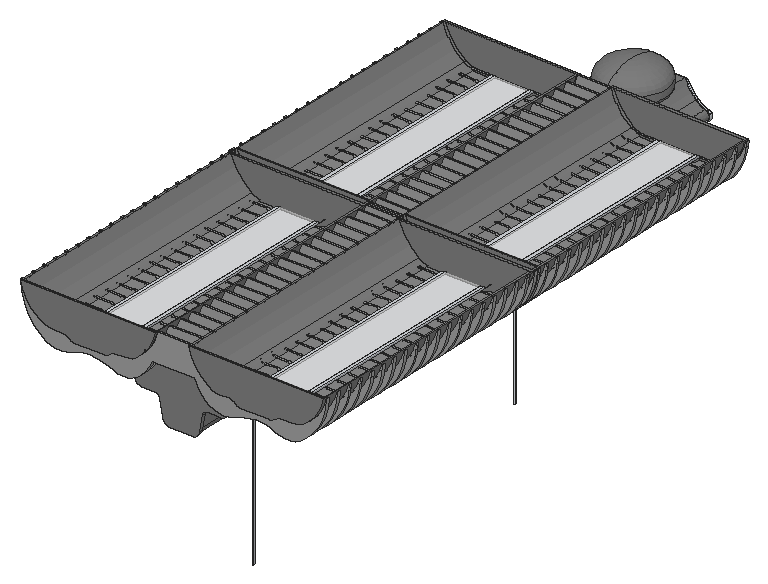
Revit family "0039276 Feilo Sylvania Lighting Fixtures SYLBAY LED 4000K 37KLM WIDE 1-10V PIR", category Lighting Fixtures, host Face, Revit 2017
Family settings
  Host = Face
  Round Connector Dimension = Use Diameter
  Part Type = Normal
  OmniClass Number = 23.80.70.00
  OmniClass Title = Lighting
  Cut with Voids When Loaded = No
  Light Source = Yes
  Shared = No
  Room Calculation Point = No
Parameters (values of type "0039276 SYLBAY LED 4000K 37KLM WIDE 1-10V PIR")
  WireRadius_FEILO = 1 mm
  Weight = "9.25 kg"
  Wattage Comments = "n/a"
  Wattage = 290 W
  WarrantyStartDate [instance] = "n/a"
  WarrantyGuarantorParts = "n/a"
  WarrantyDurationUnit = "n/a"
  WarrantyDurationParts = "n/a"
  WarrantyDescription = "n/a"
  built-in parameter 1150110 = 1 (stored number, unit not read)
  Voltage = 230 V
  URL = "http://www.sylvania-lighting.com"
  TypeName = "SYLBAY LED 4000K 37KLM WIDE 1-10V PIR"
  Type Image = <None>
  Type Comments = "n/a"
  built-in parameter 1114217 = 1 (stored number, unit not read)
  Tilt Angle = -90.00°
  built-in parameter 1150109 = 1 (stored number, unit not read)
  built-in parameter 1150134 = 12
  SuspensionHeight_FEILO [instance] = if(SurfaceMounted_FEILO, 107 mm, SuspensionHeightEntry_FEILO)  # 300 mm
  SuspensionHeightEntry_FEILO [instance] = 300 mm
  SurfaceMounted_FEILO [instance] = no
  built-in parameter 1150113 = 1 (stored number, unit not read)
  SerialNumber [instance] = "n/a"
  ReflectorMaterial = none
  PowerFactor = 0
  PowerConsumption = "290 W"
  Photometric Web File = "0039276.ies"
  NominalLength = 750 mm
  NominalHeight = 105 mm
  NominalDepth = 375 mm
  Name = "SYLBAY LED 4000K 37KLM WIDE 1-10V PIR"
  ModelReference = "SYLBAY LED 4000K 37KLM WIDE 1-10V PIR"
  ModelNumber = "0039276"
  Model = "SYLBAY LED 4000K 37KLM WIDE 1-10V PIR"
  Material = "aluminium housing"
  ManufacturerName = "Feilo Sylvania"
  Manufacturer = "Feilo Sylvania"
  LuminousEfficacy = "130.45 lm/W"
  built-in parameter 1150105 = 22250.3 (stored number, unit not read)
  Lumens = 37830.5 lm
  LuminaireType = ""
  built-in parameter 1150115 = 1 (stored number, unit not read)
  LightOutputRatio = "100"
  built-in parameter 1150137 = (empty or 0)
  built-in parameter 1150139 = (empty or 0)
  LampsType = Lamp  # "LED"
  LampNominalLuminous = "37700 lm"
  LampMacAdamStep = "n/a"
  LampColourTemperature = "4000 K"
  LampColourRenderingIndex = "80"
  built-in parameter 1150112 = 1 (stored number, unit not read)
  built-in parameter 1150114 = 1 (stored number, unit not read)
  Lamp = "LED"
  Keynote = "16500"
  InstallationDate [instance] = "n/a"
  InputVoltage = "220-240V~"
  InputNominalFrequency = "50/60 Hz"
  built-in parameter 1150132 = (empty or 0)
  built-in parameter 1150102 = (empty or 0)
  built-in parameter 1150107 = 4000 (stored number, unit not read)
  built-in parameter 1150138 = (empty or 0)
  IngressProtection = "IP65"
  ImpactProtectionIndex = "IK08"
  built-in parameter 1150106 = 222.5 (stored number, unit not read)
  IfcExportType = "IfcLightFixtureType"
  IfcExportAs = "IfcLightFixtureType"
  ExpectedLife = 50000
  Emit from Rectangle Width = 365 mm
  Emit from Rectangle Length = 645 mm
  Emit Shape Visible in Rendering = no
  ElectricShockClassification = "Class I"
  built-in parameter 1150104 = 12.119 (stored number, unit not read)
  DurationUnit = "hours"
  DocumentationLiterature = "http://www.sylvania-lighting.com/product/en-int/products/0039276"
  DimmingControlOptions = "Dimmable"
  Dimming Lamp Color Temperature Shift = <None>
  DiffuserMaterial = Diffuser-Sylvania-Sylbay-Transparent
  Description = "Specification industrial high bay luminaire, robust and durable, slim design, high output and efficiency, lightweight, aluminium housing with shatter-resistant polycarbonate lens optic, 37,700 lumens, 290W, 130lm/W, 4000K, 2100mA (x2), CRI 80, wide beam optic, 1-10V dimmable, integral PIR sensor with daylight/occupancy detection, IP65, IK08, 100,000 hrs (L90B10), (LxWxH) 665x375x105mm, 3 step MacAdam ellipse, 8.9kg, aluminium finish, Class 1, 220-240V, integrated LED, energy class: A++, A+, A."
  Default Elevation = 1219.2 mm
  CreatedOn = "17/11/2017"
  CreatedBy = ""
  Cost = 0
  Color Filter = 16777215
  built-in parameter 1114216 [instance] = (empty or 0)
  BodyMaterial = Body-Sylvania-Sylbay-Aluminium
  BarCode [instance] = "n/a"
  built-in parameter 1114218 = 1 (stored number, unit not read)
  built-in parameter 1150133 = 10 (stored number, unit not read)
  AssetType = "Fixed"
  AssetIdentifier [instance] = "n/a"
  Assembly Code = "D5020200"
  Apparent Load = 290 VA
  AccessoryMaterial = Accesory-Sylvania-Sylbay-White
Reference planes
  plane 1 "Center (Front/Back)": y = 0
  plane 2: z = 0
  plane 3 "Center (Left/Right)": x = 0
  plane 4: z = 300
  plane 5: y = -307
  plane 6: y = 200
  plane 7: y = -200
  plane 8: z = 237.522
  plane 9: z = 246.272
  plane 10: z = 227.522
  plane 11: z = 266.272
  plane 12: z = 256.272
  plane 13: z = 262.272
  plane 14: y = 427
  plane 15: y = -1
  plane 16: y = 1
  plane 17: y = -310
  plane 18: y = 430
  plane 19: z = 195
  plane 20: z = 193
  plane 21: y = 330
  plane 22: y = 380
  plane 23: y = 340
  plane 24: y = 420
  plane 25: z = 278.272
  plane 26: y = 341
  plane 27: y = 419
Forms (mm)
  Extrusion 1, solid, material "Accesory-Sylvania-Sylbay-White" <- "AccessoryMaterial"
    sketch origin (0, 0, 0) x (1, 0, 0) y (0, 0, 1)
      loop
        arc (-39.258, 246.272) -> (-44.534, 242.283) -> (-50.507, 239.445) r 32.519
        arc (-50.507, 239.445) -> (-54.463, 232.388) -> (-48, 227.522) r 6.147
        line (-48, 227.522) -> (-32.102, 227.522)
        arc (-32.102, 227.522) -> (-26.92, 225.616) -> (-24.206, 220.808) r 8
        line (-24.206, 220.808) -> (-21.094, 201.713)
        arc (-21.094, 201.713) -> (-18.38, 196.905) -> (-13.198, 195) r 8
        line (-13.198, 195) -> (13.198, 195)
        arc (13.198, 195) -> (18.393, 196.916) -> (21.099, 201.746) r 8
        line (21.099, 201.746) -> (24.206, 220.808)
        arc (24.206, 220.808) -> (26.92, 225.616) -> (32.102, 227.522) r 8
        line (32.102, 227.522) -> (48, 227.522)
        arc (48, 227.522) -> (54.463, 232.388) -> (50.507, 239.445) r 6.147
        arc (50.507, 239.445) -> (44.534, 242.283) -> (39.258, 246.272) r 32.519
        arc (39.258, 246.272) -> (31.199, 255.531) -> (25.254, 266.272) r 58.361
        line (25.254, 266.272) -> (-25.254, 266.272)
        arc (-25.254, 266.272) -> (-31.199, 255.531) -> (-39.258, 246.272) r 58.361
    from -427 to 307
  Extrusion 2, solid, material "Body-Sylvania-Sylbay-Aluminium" <- "BodyMaterial", detail levels medium+fine
    sketch origin (0, 0, 0) x (1, 0, 0) y (0, 0, 1)
      loop
        arc (-32.102, 225.522) -> (-28.215, 224.093) -> (-26.18, 220.487) r 6
        line (-26.18, 220.487) -> (-23.068, 201.392)
        arc (-23.068, 201.392) -> (-19.676, 195.381) -> (-13.198, 193) r 10
        line (-13.198, 193) -> (13.198, 193)
        arc (13.198, 193) -> (19.69, 195.393) -> (23.074, 201.428) r 10
        line (23.074, 201.428) -> (26.18, 220.487)
        arc (26.18, 220.487) -> (28.215, 224.093) -> (32.102, 225.522) r 6
        line (32.102, 225.522) -> (47.932, 225.522)
        arc (47.932, 225.522) -> (54.718, 228.451) -> (56.343, 235.661) r 8.147
        arc (56.343, 235.661) -> (55.292, 237.506) -> (53.445, 238.553) r 4
        arc (53.445, 238.553) -> (45.865, 241.518) -> (39.258, 246.272) r 32.519
        arc (39.258, 246.272) -> (32.89, 253.237) -> (27.728, 261.137) r 58.361
        arc (27.728, 261.137) -> (25.523, 263.429) -> (22.456, 264.272) r 6
        line (22.456, 264.272) -> (-22.456, 264.272)
        arc (-22.456, 264.272) -> (-25.523, 263.429) -> (-27.728, 261.137) r 6
        arc (-27.728, 261.137) -> (-32.89, 253.237) -> (-39.258, 246.272) r 58.361
        arc (-39.258, 246.272) -> (-45.865, 241.518) -> (-53.445, 238.553) r 32.519
        arc (-53.445, 238.553) -> (-55.292, 237.506) -> (-56.343, 235.661) r 4
        arc (-56.343, 235.661) -> (-54.718, 228.451) -> (-47.932, 225.522) r 8.147
        line (-47.932, 225.522) -> (-32.102, 225.522)
    from 307 to 310
  Extrusion 3, solid, detail levels medium+fine
    sketch origin (0, 0, 0) x (1, 0, 0) y (0, 0, 1)
      loop
        line (-47.932, 225.522) -> (-32.102, 225.522)
        arc (-32.102, 225.522) -> (-28.215, 224.093) -> (-26.18, 220.487) r 6
        line (-26.18, 220.487) -> (-23.068, 201.392)
        arc (-23.068, 201.392) -> (-19.676, 195.381) -> (-13.198, 193) r 10
        line (-13.198, 193) -> (13.198, 193)
        arc (13.198, 193) -> (19.69, 195.393) -> (23.074, 201.428) r 10
        line (23.074, 201.428) -> (26.18, 220.487)
        arc (26.18, 220.487) -> (28.215, 224.093) -> (32.102, 225.522) r 6
        line (32.102, 225.522) -> (47.932, 225.522)
        arc (47.932, 225.522) -> (54.718, 228.451) -> (56.343, 235.661) r 8.147
        arc (56.343, 235.661) -> (55.292, 237.506) -> (53.445, 238.553) r 4
        arc (53.445, 238.553) -> (45.865, 241.518) -> (39.258, 246.272) r 32.519
        arc (39.258, 246.272) -> (32.89, 253.237) -> (27.728, 261.137) r 58.361
        arc (27.728, 261.137) -> (25.523, 263.429) -> (22.456, 264.272) r 6
        line (22.456, 264.272) -> (-22.456, 264.272)
        arc (-22.456, 264.272) -> (-25.523, 263.429) -> (-27.728, 261.137) r 6
        arc (-27.728, 261.137) -> (-32.89, 253.237) -> (-39.258, 246.272) r 58.361
        arc (-39.258, 246.272) -> (-45.865, 241.518) -> (-53.445, 238.553) r 32.519
        arc (-53.445, 238.553) -> (-55.292, 237.506) -> (-56.343, 235.661) r 4
        arc (-56.343, 235.661) -> (-54.718, 228.451) -> (-47.932, 225.522) r 8.147
    from -430 to -427
  Extrusion 4, solid
    sketch origin (-316.531, -4572, 195) x (-1, 0, 0) y (0, -1, 0)
      loop
        circle (-316.531, -4772) r 1
      loop
        circle (-316.531, -4372) r 1
    from 0 to -195
  Revolve 5, solid, material "Body-Sylvania-Sylbay-Aluminium" <- "BodyMaterial"
    sketch origin (0, 0, 0) x (0, 1, 0) y (0, 0, 1)
      loop
        arc (340.771, 269.022) -> (341.729, 267.064) -> (343.76, 266.272) r 3
        line (343.76, 266.272) -> (380, 266.272) -> (380, 278.272) -> (340, 278.272) -> (340.771, 269.022)
      axis (380, 266.272) -> (380, 278.272)
    angle from 360 to 0
  Revolve 6, solid, material "Accesory-Sylvania-Sylbay-White" <- "AccessoryMaterial"
    sketch origin (0, 0, 0) x (0, 1, 0) y (0, 0, 1)
      loop
        line (340, 278.272) -> (380, 278.272) -> (380, 300)
        spline (380, 300) -> (374.779, 299.814) -> (369.647, 299.26) -> (364.693, 298.346) -> (360, 297.089) -> (355.65, 295.51) -> (351.716, 293.636) -> (348.266, 291.499) -> (345.359, 289.136) -> (343.045, 286.587) -> (341.363, 283.895) -> (340.342, 281.108) -> (340, 278.272)
      axis (380, 278.272) -> (380, 300)
    angle from 360 to 0
Dimensions and locks
  "SuspensionHeight_FEILO": plane 4 to plane 2
  equal spacing: plane 7, plane 1 "Center (Front/Back)", plane 6
  locked: plane 1 "Center (Front/Back)" to plane 6 at 200
  locked: plane 4 to plane 8 at 62.478
  locked: plane 4 to plane 9 at 53.728
  plane 4 to plane 10 = 72.478 mm
  locked: plane 4 to plane 11 at 33.728
  locked: plane 12 to plane 9 at 10
  locked: plane 13 to plane 12 at 6
  locked: plane 3 "Center (Left/Right)" to Extrusion 1 sketch curve at 48.447
  locked: Extrusion 1 sketch curve to plane 3 "Center (Left/Right)" at 48.447
  locked: plane 4 to Extrusion 1 sketch curve at 66.347  (x2)
  Extrusion 1 sketch curve to plane 3 "Center (Left/Right)" to Extrusion 1 sketch curve = 13.198 mm locked, 13.198 mm locked
  Extrusion 1 sketch curve to plane 3 "Center (Left/Right)" to Extrusion 1 sketch curve = 32.102 mm locked, 32.102 mm locked
  locked: plane 4 to Extrusion 1 sketch curve at 97  (x2)
  locked: plane 4 to Extrusion 1 sketch curve at 80.478  (x2)
  equal spacing: plane 15, plane 1 "Center (Front/Back)", plane 16
  locked: plane 10 to Extrusion 2 sketch curve at 2
  plane 10 to Extrusion 2 sketch curve = 2 mm
  locked: Extrusion 2 sketch curve to Extrusion 1 at 2  (x2)
  locked: Extrusion 2 sketch curve to plane 3 "Center (Left/Right)" at 52.466
  locked: plane 3 "Center (Left/Right)" to Extrusion 2 sketch curve at 52.466
  locked: plane 4 to Extrusion 2 sketch curve at 65.325  (x2)
  locked: plane 4 to Extrusion 2 sketch curve at 41.728  (x2)
  locked: plane 3 "Center (Left/Right)" to Extrusion 2 sketch curve at 22.456
  locked: Extrusion 2 sketch curve to plane 3 "Center (Left/Right)" at 22.456
  locked: plane 4 to plane 19 at 105
  locked: plane 19 to plane 20 at 2
  locked: plane 1 "Center (Front/Back)" to plane 18 at 430
  locked: plane 14 to plane 18 at 3
  locked: plane 17 to plane 1 "Center (Front/Back)" at 310
  locked: plane 17 to plane 5 at 3
  locked: plane 21 to plane 18 at 100
  locked: plane 21 to plane 22 at 50
  equal spacing: plane 23, plane 22, plane 24
  locked: plane 23 to plane 22 at 40
  equal spacing: plane 26, plane 22, plane 27
  locked: plane 23 to plane 26 at 1
  locked: plane 25 to plane 11 at 12
  locked: Revolve 5 sketch curve to plane 11 at 3
  locked: Revolve 5 sketch curve to plane 22 at 36.24
  locked: plane 1 "Center (Front/Back)" to plane 16 at 1
  "WireRadius_FEILO": radius of Extrusion 4 sketch curve  (x2)
  aligned and locked: plane 2 to host face
  aligned and locked: level to host face
  aligned and locked: plane 10 to Extrusion 1 sketch curve
  aligned and locked: plane 5 to Extrusion 1
  aligned and locked: Extrusion 1 to plane 14
  aligned and locked: imposter light to plane 4
  aligned and locked: plane 3 "Center (Left/Right)" to imposter light
  aligned and locked: plane 1 "Center (Front/Back)" to imposter light
  aligned and locked: plane 17 to Extrusion 2
  aligned and locked: Extrusion 2 to plane 5
  aligned and locked: Extrusion 3 sketch curve to Extrusion 2  (x15)
  aligned and locked: Extrusion 3 to Extrusion 1
  aligned and locked: Extrusion 3 to plane 18
  aligned and locked: Extrusion 1 sketch curve to plane 19
  aligned and locked: plane 7 to Extrusion 4 sketch curve
  aligned and locked: plane 3 "Center (Left/Right)" to Extrusion 4 sketch curve  (x2)
  aligned and locked: plane 6 to Extrusion 4 sketch curve
  aligned and locked: Extrusion 1 to Extrusion 4
  aligned and locked: Extrusion 4 to level
  aligned and locked: plane 20 to Extrusion 2 sketch curve
  aligned and locked: Revolve 5 sketch curve to plane 11
  aligned and locked: Revolve 5 sketch curve to plane 22  (x2)
  aligned and locked: Revolve 5 sketch curve to plane 25
  aligned and locked: Revolve 6 sketch curve to plane 22  (x2)
  aligned and locked: Revolve 6 sketch curve to Revolve 5
  aligned and locked: plane 4 to Revolve 6 sketch curve
  aligned and locked: plane 22 to Revolve 6 sketch curve
  aligned and locked: plane 3 "Center (Left/Right)" to nested 1
  aligned and locked: plane 3 "Center (Left/Right)" to nested 22
  aligned and locked: plane 15 to nested 1
  aligned and locked: plane 16 to nested 22
Automatic sketch dimensions
  host sketch curve to host sketch curve = 2438.4 mm  (x2)
  Extrusion 1 sketch curve to plane 9 = 0 mm  (x4)
  Extrusion 1 sketch curve to plane 10 = 0 mm
  plane 11 to Extrusion 1 sketch curve = 3.811 mm
  Extrusion 1 sketch curve to Extrusion 1 sketch curve = 36.151 mm  (x2)
  Extrusion 1 sketch curve to plane 4 = 10.994 mm  (x2)
  Extrusion 1 sketch curve to plane 11 = 0 mm
  plane 9 to Extrusion 1 sketch curve = 23.811 mm
  Extrusion 1 sketch curve to plane 10 = 6.713 mm  (x2)
  plane 19 to Extrusion 1 sketch curve = 6.713 mm
  Extrusion 3 sketch curve to plane 10 = 7.035 mm  (x2)
  plane 19 to Extrusion 3 sketch curve = 6.392 mm
  plane 19 to Extrusion 1 sketch curve = 6.746 mm
  plane 19 to Extrusion 3 sketch curve = 6.428 mm
  plane 3 "Center (Left/Right)" to Extrusion 1 sketch curve = 25.254 mm
  Extrusion 1 sketch curve to Extrusion 1 sketch curve = 0.447 mm  (x2)
  Extrusion 1 sketch curve to Extrusion 1 sketch curve = 12.959 mm
  Extrusion 2 sketch curve to plane 9 = 0 mm  (x4)
  plane 11 to Extrusion 2 sketch curve = 3.811 mm  (x2)
  Extrusion 2 sketch curve to Extrusion 2 sketch curve = 8.939 mm  (x2)
  Extrusion 2 sketch curve to plane 4 = 10.994 mm  (x2)
  Extrusion 2 sketch curve to Extrusion 2 sketch curve = 17.6 mm  (x2)
  Extrusion 2 sketch curve to Extrusion 2 sketch curve = 4.02 mm  (x2)
  Extrusion 2 sketch curve to Extrusion 2 sketch curve = 0.514 mm
  Extrusion 2 sketch curve to plane 10 = 8 mm
  Extrusion 2 sketch curve to plane 10 = 7.035 mm  (x2)
  plane 19 to Extrusion 2 sketch curve = 6.392 mm
  plane 19 to Extrusion 2 sketch curve = 8 mm
  plane 3 "Center (Left/Right)" to Extrusion 2 sketch curve = 13.198 mm
  plane 19 to Extrusion 2 sketch curve = 6.428 mm
  Extrusion 2 sketch curve to Extrusion 2 sketch curve = 5.922 mm
  Extrusion 2 sketch curve to Extrusion 2 sketch curve = 4.534 mm
  Extrusion 2 sketch curve to plane 8 = 3.869 mm  (x2)
  Extrusion 2 sketch curve to plane 11 = 2 mm
  Extrusion 2 sketch curve to Extrusion 2 sketch curve = 0 mm  (x2)
  Revolve 6 sketch curve to plane 23 = 0 mm
  Revolve 6 sketch curve to level = 309.6 mm
  plane 4 to Revolve 6 sketch curve = 2138.4 mm
  Revolve 5 sketch curve to plane 23 = 0 mm
  plane 26 to Revolve 5 sketch curve = 0.229 mm
  Revolve 5 sketch curve to level = 309.6 mm
  plane 4 to Revolve 5 sketch curve = 2138.4 mm
Nested families
  nested 1: "SylbayBody" at (0, 159, 266.272), type "SylbayBody"
  nested 2: "SlybayRib" at (0, 303.453, 300), type "SylbayRib"
  nested 3: "SlybayRib" at (0, 286.406, 300), type "SylbayRib"
  nested 4: "SlybayRib" at (0, 269.358, 300), type "SylbayRib"
  nested 5: "SlybayRib" at (0, 252.311, 300), type "SylbayRib"
  nested 6: "SlybayRib" at (0, 235.264, 300), type "SylbayRib"
  nested 7: "SlybayRib" at (0, 218.217, 300), type "SylbayRib"
  nested 8: "SlybayRib" at (0, 201.169, 300), type "SylbayRib"
  nested 9: "SlybayRib" at (0, 184.122, 300), type "SylbayRib"
  nested 10: "SlybayRib" at (0, 320.5, 300), type "SylbayRib"
  nested 11: "SlybayRib" at (0, 14.547, 300), type "SylbayRib"
  nested 12: "SlybayRib" at (0, 31.594, 300), type "SylbayRib"
  nested 13: "SlybayRib" at (0, 48.642, 300), type "SylbayRib"
  nested 14: "SlybayRib" at (0, 65.689, 300), type "SylbayRib"
  nested 15: "SlybayRib" at (0, 82.736, 300), type "SylbayRib"
  nested 16: "SlybayRib" at (0, 99.783, 300), type "SylbayRib"
  nested 17: "SlybayRib" at (0, 116.831, 300), type "SylbayRib"
  nested 18: "SlybayRib" at (0, 133.878, 300), type "SylbayRib"
  nested 19: "SlybayRib" at (0, -2.5, 300), type "SylbayRib"
  nested 20: "SlybayRib" at (0, 167.075, 300), type "SylbayRib"
  nested 21: "SlybayRib" at (0, 150.925, 300), type "SylbayRib"
  nested 22: "SylbayBody" at (0, -159, 266.272), type "SylbayBody"
  nested 23: "SlybayRib" at (0, -14.547, 300), type "SylbayRib"
  nested 24: "SlybayRib" at (0, -31.594, 300), type "SylbayRib"
  nested 25: "SlybayRib" at (0, -48.642, 300), type "SylbayRib"
  nested 26: "SlybayRib" at (0, -65.689, 300), type "SylbayRib"
  nested 27: "SlybayRib" at (0, -82.736, 300), type "SylbayRib"
  nested 28: "SlybayRib" at (0, -99.783, 300), type "SylbayRib"
  nested 29: "SlybayRib" at (0, -116.831, 300), type "SylbayRib"
  nested 30: "SlybayRib" at (0, -133.878, 300), type "SylbayRib"
  nested 31: "SlybayRib" at (0, 2.5, 300), type "SylbayRib"
  nested 32: "SlybayRib" at (0, -303.453, 300), type "SylbayRib"
  nested 33: "SlybayRib" at (0, -286.406, 300), type "SylbayRib"
  nested 34: "SlybayRib" at (0, -269.358, 300), type "SylbayRib"
  nested 35: "SlybayRib" at (0, -252.311, 300), type "SylbayRib"
  nested 36: "SlybayRib" at (0, -235.264, 300), type "SylbayRib"
  nested 37: "SlybayRib" at (0, -218.217, 300), type "SylbayRib"
  nested 38: "SlybayRib" at (0, -201.169, 300), type "SylbayRib"
  nested 39: "SlybayRib" at (0, -184.122, 300), type "SylbayRib"
  nested 40: "SlybayRib" at (0, -320.5, 300), type "SylbayRib"
  nested 41: "SlybayRib" at (0, -150.925, 300), type "SylbayRib"
  nested 42: "SlybayRib" at (0, -167.075, 300), type "SylbayRib"
Connectors
  electrical at (0, 0, 0), driven by "Apparent Load"
    settings: index 1, voltage 230 V, apparent load 290 VA, apparent load phase1 0 VA, apparent load phase2 0 VA, apparent load phase3 0 VA, power factor 0, load classification "Lighting", number of poles 1, system type 30, power factor state 1, is connector primary yes, connector utility no, sub classification motor no, connector description ""
Definition of nested family "SylbayBody"
  Parameters (values of type "SylbayBody")
    URL = "http://www.feilosylvania.com"
    Type Image = (empty or 0)
    Type Comments = "n/a"
    RibLast_FEILO = 161.5 mm
    RibDistance_FEILO = RibLast_FEILO / 10  # 16.15 mm
    ReflectorMaterial = none
    Model = ""
    Manufacturer = "Feilo Sylvania"
    Keynote = ""
    DiffuserMaterial = none
    Description = "n/a"
    Default Elevation = 1219.2 mm
    Cost = 0
    BodyMaterial = none
    Assembly Code = "D5020200"
    AccessoryMaterial = none
  Reference planes
    plane 1 "Center (Front/Back)": y = 0
    plane 2: z = 0
    plane 3 "Center (Left/Right)": x = 0
    plane 4: x = -187.5
    plane 5: x = 187.5
    plane 6: z = 33.728
    plane 7: y = -165
    plane 8: y = 165
    plane 9: y = -148
    plane 10: y = 160
    plane 11: y = -160
    plane 12: z = -28.75
    plane 13: z = -20
    plane 14: x = -102.75
    plane 15: x = 102.75
    plane 16: z = 0
    plane 17: x = -185.5
    plane 18: x = -20
    plane 19: z = -10
    plane 20: x = -122.75
    plane 21: x = -82.75
    plane 22: z = -4
    plane 23: x = -130.75
    plane 24: x = -74.75
    plane 25: x = -145.75
    plane 26: x = -59.75
    plane 27: x = -25.3
    plane 28: x = -183.5
    plane 29: x = -22
    plane 30: y = -163
    plane 31: y = 163
    plane 32: x = 25.3
    plane 33: x = -48
    plane 34: x = 48
    plane 35: x = 20
    plane 36: y = 148
    plane 37: y = -161.5
    plane 38: y = 161.5
    plane 39: y = -8.075
    plane 40: y = 8.075
    plane 41: y = -151
    plane 42: y = 151
    plane 43: y = 149
    plane 44: y = 152
    plane 45: z = -2
    plane 46: z = 0
  Forms (mm)
    Extrusion 1, solid
      sketch origin (4.2, 0, 0) x (1, 0, 0) y (0, 1, 0)
        loop
          line (-1219.2, 1219.2) -> (-1219.2, -1219.2) -> (1219.2, -1219.2) -> (1219.2, 1219.2) -> (-1219.2, 1219.2)
      from 0 to -304.8
    Extrusion 2, solid, material <- "BodyMaterial", detail levels coarse+medium
      sketch origin (0, 0, -234.25) x (1, 0, 0) y (0, 0, 1)
        loop
          arc (-187.5, 267.978) -> (-180.003, 237.85) -> (-159.829, 214.25) r 67.598
          arc (-159.829, 214.25) -> (-143.258, 206.411) -> (-125.169, 209.379) r 30.791
          arc (-125.169, 209.379) -> (-113.533, 213.402) -> (-101.25, 214.25) r 46.777
          arc (-101.25, 214.25) -> (-87.202, 212.214) -> (-73.664, 207.942) r 87.865
          arc (-73.664, 207.942) -> (-55.541, 206.076) -> (-39.258, 214.25) r 32.519
          arc (-39.258, 214.25) -> (-31.199, 223.509) -> (-25.254, 234.25) r 58.361
          line (-25.254, 234.25) -> (25.254, 234.25)
          arc (25.254, 234.25) -> (31.199, 223.509) -> (39.258, 214.25) r 58.361
          arc (39.258, 214.25) -> (55.541, 206.076) -> (73.664, 207.942) r 32.519
          arc (73.664, 207.942) -> (87.202, 212.214) -> (101.25, 214.25) r 87.865
          arc (101.25, 214.25) -> (113.533, 213.402) -> (125.169, 209.379) r 46.777
          arc (125.169, 209.379) -> (143.258, 206.411) -> (159.829, 214.25) r 30.791
          arc (159.829, 214.25) -> (180.003, 237.85) -> (187.5, 267.978) r 67.598
          line (187.5, 267.978) -> (185.5, 267.978)
          arc (185.5, 267.978) -> (176.042, 248.665) -> (160.084, 234.25) r 56.823
          arc (160.084, 234.25) -> (153.191, 231.269) -> (145.75, 230.25) r 27.682
          line (145.75, 230.25) -> (132.583, 230.25)
          arc (132.583, 230.25) -> (129.421, 229.737) -> (126.583, 228.25) r 10
          line (126.583, 228.25) -> (123.917, 226.25)
          arc (123.917, 226.25) -> (121.079, 224.763) -> (117.917, 224.25) r 10
          line (117.917, 224.25) -> (84.583, 224.25)
          arc (84.583, 224.25) -> (81.421, 224.763) -> (78.583, 226.25) r 10
          line (78.583, 226.25) -> (75.917, 228.25)
          arc (75.917, 228.25) -> (73.079, 229.737) -> (69.917, 230.25) r 10
          line (69.917, 230.25) -> (58.25, 230.25)
          arc (58.25, 230.25) -> (51.55, 231.273) -> (45.461, 234.25) r 22.443
          arc (45.461, 234.25) -> (30.027, 249.073) -> (20, 267.978) r 67.602
          line (20, 267.978) -> (-20, 267.978)
          arc (-20, 267.978) -> (-30.027, 249.073) -> (-45.461, 234.25) r 67.602
          arc (-45.461, 234.25) -> (-51.55, 231.273) -> (-58.25, 230.25) r 22.443
          line (-58.25, 230.25) -> (-69.917, 230.25)
          arc (-69.917, 230.25) -> (-73.079, 229.737) -> (-75.917, 228.25) r 10
          line (-75.917, 228.25) -> (-78.583, 226.25)
          arc (-78.583, 226.25) -> (-81.421, 224.763) -> (-84.583, 224.25) r 10
          line (-84.583, 224.25) -> (-117.917, 224.25)
          arc (-117.917, 224.25) -> (-121.079, 224.763) -> (-123.917, 226.25) r 10
          line (-123.917, 226.25) -> (-126.583, 228.25)
          arc (-126.583, 228.25) -> (-129.421, 229.737) -> (-132.583, 230.25) r 10
          line (-132.583, 230.25) -> (-145.75, 230.25)
          arc (-145.75, 230.25) -> (-153.191, 231.269) -> (-160.084, 234.25) r 27.682
          arc (-160.084, 234.25) -> (-176.042, 248.665) -> (-185.5, 267.978) r 56.823
          line (-185.5, 267.978) -> (-187.5, 267.978)
      from 160 to -160
    Extrusion 3, solid, material <- "BodyMaterial"
      sketch origin (0, 0, -234.25) x (1, 0, 0) y (0, 0, 1)
        loop
          arc (-145.75, 230.25) -> (-152.168, 231.276) -> (-157.947, 234.25) r 20.597
          arc (-157.947, 234.25) -> (-173.175, 249.257) -> (-183.5, 267.978) r 74.319
          line (-183.5, 267.978) -> (-185.5, 267.978)
          arc (-185.5, 267.978) -> (-176.042, 248.665) -> (-160.084, 234.25) r 56.823
          arc (-160.084, 234.25) -> (-153.191, 231.269) -> (-145.75, 230.25) r 27.682
        loop
          arc (-45.461, 234.25) -> (-30.027, 249.073) -> (-20, 267.978) r 67.602
          line (-20, 267.978) -> (-22, 267.978)
          arc (-22, 267.978) -> (-31.964, 249.398) -> (-46.63, 234.25) r 76.357
          arc (-46.63, 234.25) -> (-52.105, 231.278) -> (-58.25, 230.25) r 18.878
          arc (-58.25, 230.25) -> (-51.55, 231.273) -> (-45.461, 234.25) r 22.443
        loop
          arc (145.75, 230.25) -> (153.191, 231.269) -> (160.084, 234.25) r 27.682
          arc (160.084, 234.25) -> (176.042, 248.665) -> (185.5, 267.978) r 56.823
          line (185.5, 267.978) -> (183.5, 267.978)
          arc (183.5, 267.978) -> (173.175, 249.257) -> (157.947, 234.25) r 74.319
          arc (157.947, 234.25) -> (152.168, 231.276) -> (145.75, 230.25) r 20.597
        loop
          arc (45.461, 234.25) -> (51.55, 231.273) -> (58.25, 230.25) r 22.443
          arc (58.25, 230.25) -> (52.105, 231.278) -> (46.63, 234.25) r 18.878
          arc (46.63, 234.25) -> (31.964, 249.398) -> (22, 267.978) r 76.357
          line (22, 267.978) -> (20, 267.978)
          arc (20, 267.978) -> (30.027, 249.073) -> (45.461, 234.25) r 67.602
      from -160 to 160
    Extrusion 4, solid, material <- "BodyMaterial"
      sketch origin (0, -165, -843.85) x (0, 0, -1) y (1, 0, 0)
        loop
          arc (-837.85, -132.583) -> (-837.439, -130.054) -> (-836.25, -127.783) r 8
          line (-836.25, -127.783) -> (-834.25, -125.117)
          arc (-834.25, -125.117) -> (-832.466, -121.711) -> (-831.85, -117.917) r 12
          line (-831.85, -117.917) -> (-831.85, -84.583)
          arc (-831.85, -84.583) -> (-832.466, -80.789) -> (-834.25, -77.383) r 12
          line (-834.25, -77.383) -> (-836.25, -74.717)
          arc (-836.25, -74.717) -> (-837.439, -72.446) -> (-837.85, -69.917) r 8
          line (-837.85, -69.917) -> (-837.85, -58.25)
          arc (-837.85, -58.25) -> (-838.965, -50.953) -> (-842.206, -44.322) r 24.443
          arc (-842.206, -44.322) -> (-857.666, -28.923) -> (-877.578, -20) r 60.581
          line (-877.578, -20) -> (-877.578, -22)
          arc (-877.578, -22) -> (-858.998, -31.964) -> (-843.85, -46.63) r 76.357
          arc (-843.85, -46.63) -> (-840.878, -52.105) -> (-839.85, -58.25) r 18.878
          line (-839.85, -58.25) -> (-839.85, -69.917)
          arc (-839.85, -69.917) -> (-839.337, -73.079) -> (-837.85, -75.917) r 10
          line (-837.85, -75.917) -> (-835.85, -78.583)
          arc (-835.85, -78.583) -> (-834.363, -81.421) -> (-833.85, -84.583) r 10
          line (-833.85, -84.583) -> (-833.85, -117.917)
          arc (-833.85, -117.917) -> (-834.363, -121.079) -> (-835.85, -123.917) r 10
          line (-835.85, -123.917) -> (-837.85, -126.583)
          arc (-837.85, -126.583) -> (-839.337, -129.421) -> (-839.85, -132.583) r 10
          line (-839.85, -132.583) -> (-839.85, -145.75)
          arc (-839.85, -145.75) -> (-840.876, -152.168) -> (-843.85, -157.947) r 20.597
          arc (-843.85, -157.947) -> (-858.857, -173.175) -> (-877.578, -183.5) r 74.319
          line (-877.578, -183.5) -> (-877.578, -185.5)
          arc (-877.578, -185.5) -> (-857.235, -177.123) -> (-842.139, -161.119) r 52.287
          arc (-842.139, -161.119) -> (-838.942, -153.728) -> (-837.85, -145.75) r 29.682
          line (-837.85, -145.75) -> (-837.85, -132.583)
        loop
          line (-837.85, 132.583) -> (-837.85, 145.75)
          arc (-837.85, 145.75) -> (-838.942, 153.728) -> (-842.139, 161.119) r 29.682
          arc (-842.139, 161.119) -> (-857.235, 177.123) -> (-877.578, 185.5) r 52.287
          line (-877.578, 185.5) -> (-877.578, 183.5)
          arc (-877.578, 183.5) -> (-858.857, 173.175) -> (-843.85, 157.947) r 74.319
          arc (-843.85, 157.947) -> (-840.876, 152.168) -> (-839.85, 145.75) r 20.597
          line (-839.85, 145.75) -> (-839.85, 132.583)
          arc (-839.85, 132.583) -> (-839.337, 129.421) -> (-837.85, 126.583) r 10
          line (-837.85, 126.583) -> (-835.85, 123.917)
          arc (-835.85, 123.917) -> (-834.363, 121.079) -> (-833.85, 117.917) r 10
          line (-833.85, 117.917) -> (-833.85, 84.583)
          arc (-833.85, 84.583) -> (-834.363, 81.421) -> (-835.85, 78.583) r 10
          line (-835.85, 78.583) -> (-837.85, 75.917)
          arc (-837.85, 75.917) -> (-839.337, 73.079) -> (-839.85, 69.917) r 10
          line (-839.85, 69.917) -> (-839.85, 58.25)
          arc (-839.85, 58.25) -> (-840.878, 52.105) -> (-843.85, 46.63) r 18.878
          arc (-843.85, 46.63) -> (-858.998, 31.964) -> (-877.578, 22) r 76.357
          line (-877.578, 22) -> (-877.578, 20)
          arc (-877.578, 20) -> (-857.666, 28.923) -> (-842.206, 44.322) r 60.581
          arc (-842.206, 44.322) -> (-838.965, 50.953) -> (-837.85, 58.25) r 24.443
          line (-837.85, 58.25) -> (-837.85, 69.917)
          arc (-837.85, 69.917) -> (-837.439, 72.446) -> (-836.25, 74.717) r 8
          line (-836.25, 74.717) -> (-834.25, 77.383)
          arc (-834.25, 77.383) -> (-832.466, 80.789) -> (-831.85, 84.583) r 12
          line (-831.85, 84.583) -> (-831.85, 117.917)
          arc (-831.85, 117.917) -> (-832.466, 121.711) -> (-834.25, 125.117) r 12
          line (-834.25, 125.117) -> (-836.25, 127.783)
          arc (-836.25, 127.783) -> (-837.439, 130.054) -> (-837.85, 132.583) r 8
      from -2 to -5
    Extrusion 5, solid, material <- "BodyMaterial"
      sketch origin (0, 165, -843.85) x (0, 0, -1) y (1, 0, 0)
        loop
          line (-831.85, -117.917) -> (-831.85, -84.583)
          arc (-831.85, -84.583) -> (-832.466, -80.789) -> (-834.25, -77.383) r 12
          line (-834.25, -77.383) -> (-836.25, -74.717)
          arc (-836.25, -74.717) -> (-837.439, -72.446) -> (-837.85, -69.917) r 8
          line (-837.85, -69.917) -> (-837.85, -58.25)
          arc (-837.85, -58.25) -> (-838.965, -50.953) -> (-842.206, -44.322) r 24.443
          arc (-842.206, -44.322) -> (-857.666, -28.923) -> (-877.578, -20) r 60.581
          line (-877.578, -20) -> (-877.578, -22)
          arc (-877.578, -22) -> (-858.998, -31.964) -> (-843.85, -46.63) r 76.357
          arc (-843.85, -46.63) -> (-840.878, -52.105) -> (-839.85, -58.25) r 18.878
          line (-839.85, -58.25) -> (-839.85, -69.917)
          arc (-839.85, -69.917) -> (-839.337, -73.079) -> (-837.85, -75.917) r 10
          line (-837.85, -75.917) -> (-835.85, -78.583)
          arc (-835.85, -78.583) -> (-834.363, -81.421) -> (-833.85, -84.583) r 10
          line (-833.85, -84.583) -> (-833.85, -117.917)
          arc (-833.85, -117.917) -> (-834.363, -121.079) -> (-835.85, -123.917) r 10
          line (-835.85, -123.917) -> (-837.85, -126.583)
          arc (-837.85, -126.583) -> (-839.337, -129.421) -> (-839.85, -132.583) r 10
          line (-839.85, -132.583) -> (-839.85, -145.75)
          arc (-839.85, -145.75) -> (-840.876, -152.168) -> (-843.85, -157.947) r 20.597
          arc (-843.85, -157.947) -> (-858.857, -173.175) -> (-877.578, -183.5) r 74.319
          line (-877.578, -183.5) -> (-877.578, -185.5)
          arc (-877.578, -185.5) -> (-857.235, -177.123) -> (-842.139, -161.119) r 52.287
          arc (-842.139, -161.119) -> (-838.942, -153.728) -> (-837.85, -145.75) r 29.682
          line (-837.85, -145.75) -> (-837.85, -132.583)
          arc (-837.85, -132.583) -> (-837.439, -130.054) -> (-836.25, -127.783) r 8
          line (-836.25, -127.783) -> (-834.25, -125.117)
          arc (-834.25, -125.117) -> (-832.466, -121.711) -> (-831.85, -117.917) r 12
        loop
          line (-831.85, 84.583) -> (-831.85, 117.917)
          arc (-831.85, 117.917) -> (-832.466, 121.711) -> (-834.25, 125.117) r 12
          line (-834.25, 125.117) -> (-836.25, 127.783)
          arc (-836.25, 127.783) -> (-837.439, 130.054) -> (-837.85, 132.583) r 8
          line (-837.85, 132.583) -> (-837.85, 145.75)
          arc (-837.85, 145.75) -> (-838.942, 153.728) -> (-842.139, 161.119) r 29.682
          arc (-842.139, 161.119) -> (-857.235, 177.123) -> (-877.578, 185.5) r 52.287
          line (-877.578, 185.5) -> (-877.578, 183.5)
          arc (-877.578, 183.5) -> (-858.857, 173.175) -> (-843.85, 157.947) r 74.319
          arc (-843.85, 157.947) -> (-840.876, 152.168) -> (-839.85, 145.75) r 20.597
          line (-839.85, 145.75) -> (-839.85, 132.583)
          arc (-839.85, 132.583) -> (-839.337, 129.421) -> (-837.85, 126.583) r 10
          line (-837.85, 126.583) -> (-835.85, 123.917)
          arc (-835.85, 123.917) -> (-834.363, 121.079) -> (-833.85, 117.917) r 10
          line (-833.85, 117.917) -> (-833.85, 84.583)
          arc (-833.85, 84.583) -> (-834.363, 81.421) -> (-835.85, 78.583) r 10
          line (-835.85, 78.583) -> (-837.85, 75.917)
          arc (-837.85, 75.917) -> (-839.337, 73.079) -> (-839.85, 69.917) r 10
          line (-839.85, 69.917) -> (-839.85, 58.25)
          arc (-839.85, 58.25) -> (-840.878, 52.105) -> (-843.85, 46.63) r 18.878
          arc (-843.85, 46.63) -> (-858.998, 31.964) -> (-877.578, 22) r 76.357
          line (-877.578, 22) -> (-877.578, 20)
          arc (-877.578, 20) -> (-857.666, 28.923) -> (-842.206, 44.322) r 60.581
          arc (-842.206, 44.322) -> (-838.965, 50.953) -> (-837.85, 58.25) r 24.443
          line (-837.85, 58.25) -> (-837.85, 69.917)
          arc (-837.85, 69.917) -> (-837.439, 72.446) -> (-836.25, 74.717) r 8
          line (-836.25, 74.717) -> (-834.25, 77.383)
          arc (-834.25, 77.383) -> (-832.466, 80.789) -> (-831.85, 84.583) r 12
      from 2 to 5
    Extrusion 6, solid, material <- "BodyMaterial"
      sketch origin (0, 165, -843.85) x (0, 0, -1) y (1, 0, 0)
        loop
          arc (-842.206, -44.322) -> (-857.666, -28.923) -> (-877.578, -20) r 60.581
          line (-877.578, -20) -> (-877.578, -185.5)
          arc (-877.578, -185.5) -> (-857.235, -177.123) -> (-842.139, -161.119) r 52.287
          arc (-842.139, -161.119) -> (-838.942, -153.728) -> (-837.85, -145.75) r 29.682
          line (-837.85, -145.75) -> (-837.85, -132.583)
          arc (-837.85, -132.583) -> (-837.439, -130.054) -> (-836.25, -127.783) r 8
          line (-836.25, -127.783) -> (-834.25, -125.117)
          arc (-834.25, -125.117) -> (-832.466, -121.711) -> (-831.85, -117.917) r 12
          line (-831.85, -117.917) -> (-831.85, -84.583)
          arc (-831.85, -84.583) -> (-832.466, -80.789) -> (-834.25, -77.383) r 12
          line (-834.25, -77.383) -> (-836.25, -74.717)
          arc (-836.25, -74.717) -> (-837.439, -72.446) -> (-837.85, -69.917) r 8
          line (-837.85, -69.917) -> (-837.85, -58.25)
          arc (-837.85, -58.25) -> (-838.965, -50.953) -> (-842.206, -44.322) r 24.443
        loop
          arc (-877.578, 20) -> (-857.666, 28.923) -> (-842.206, 44.322) r 60.581
          arc (-842.206, 44.322) -> (-838.965, 50.953) -> (-837.85, 58.25) r 24.443
          line (-837.85, 58.25) -> (-837.85, 69.917)
          arc (-837.85, 69.917) -> (-837.439, 72.446) -> (-836.25, 74.717) r 8
          line (-836.25, 74.717) -> (-834.25, 77.383)
          arc (-834.25, 77.383) -> (-832.466, 80.789) -> (-831.85, 84.583) r 12
          line (-831.85, 84.583) -> (-831.85, 117.917)
          arc (-831.85, 117.917) -> (-832.466, 121.711) -> (-834.25, 125.117) r 12
          line (-834.25, 125.117) -> (-836.25, 127.783)
          arc (-836.25, 127.783) -> (-837.439, 130.054) -> (-837.85, 132.583) r 8
          line (-837.85, 132.583) -> (-837.85, 145.75)
          arc (-837.85, 145.75) -> (-838.942, 153.728) -> (-842.139, 161.119) r 29.682
          arc (-842.139, 161.119) -> (-857.235, 177.123) -> (-877.578, 185.5) r 52.287
          line (-877.578, 185.5) -> (-877.578, 20)
      from 0 to 2
    Extrusion 7, solid, material <- "BodyMaterial"
      sketch origin (0, -165, -843.85) x (0, 0, -1) y (1, 0, 0)
        loop
          line (-877.578, -20) -> (-877.578, -185.5)
          arc (-877.578, -185.5) -> (-857.235, -177.123) -> (-842.139, -161.119) r 52.287
          arc (-842.139, -161.119) -> (-838.942, -153.728) -> (-837.85, -145.75) r 29.682
          line (-837.85, -145.75) -> (-837.85, -132.583)
          arc (-837.85, -132.583) -> (-837.439, -130.054) -> (-836.25, -127.783) r 8
          line (-836.25, -127.783) -> (-834.25, -125.117)
          arc (-834.25, -125.117) -> (-832.466, -121.711) -> (-831.85, -117.917) r 12
          line (-831.85, -117.917) -> (-831.85, -84.583)
          arc (-831.85, -84.583) -> (-832.466, -80.789) -> (-834.25, -77.383) r 12
          line (-834.25, -77.383) -> (-836.25, -74.717)
          arc (-836.25, -74.717) -> (-837.439, -72.446) -> (-837.85, -69.917) r 8
          line (-837.85, -69.917) -> (-837.85, -58.25)
          arc (-837.85, -58.25) -> (-838.965, -50.953) -> (-842.206, -44.322) r 24.443
          arc (-842.206, -44.322) -> (-857.666, -28.923) -> (-877.578, -20) r 60.581
        loop
          line (-877.578, 185.5) -> (-877.578, 20)
          arc (-877.578, 20) -> (-857.666, 28.923) -> (-842.206, 44.322) r 60.581
          arc (-842.206, 44.322) -> (-838.965, 50.953) -> (-837.85, 58.25) r 24.443
          line (-837.85, 58.25) -> (-837.85, 69.917)
          arc (-837.85, 69.917) -> (-837.439, 72.446) -> (-836.25, 74.717) r 8
          line (-836.25, 74.717) -> (-834.25, 77.383)
          arc (-834.25, 77.383) -> (-832.466, 80.789) -> (-831.85, 84.583) r 12
          line (-831.85, 84.583) -> (-831.85, 117.917)
          arc (-831.85, 117.917) -> (-832.466, 121.711) -> (-834.25, 125.117) r 12
          line (-834.25, 125.117) -> (-836.25, 127.783)
          arc (-836.25, 127.783) -> (-837.439, 130.054) -> (-837.85, 132.583) r 8
          line (-837.85, 132.583) -> (-837.85, 145.75)
          arc (-837.85, 145.75) -> (-838.942, 153.728) -> (-842.139, 161.119) r 29.682
          arc (-842.139, 161.119) -> (-857.235, 177.123) -> (-877.578, 185.5) r 52.287
      from 0 to -2
    Extrusion 8, solid, detail levels medium+fine
      sketch origin (0, 0, -234.25) x (1, 0, 0) y (0, 0, 1)
        loop
          arc (-123.917, 226.25) -> (-121.079, 224.763) -> (-117.917, 224.25) r 10
          line (-117.917, 224.25) -> (-84.583, 224.25)
          arc (-84.583, 224.25) -> (-81.421, 224.763) -> (-78.583, 226.25) r 10
          line (-78.583, 226.25) -> (-75.917, 228.25)
          arc (-75.917, 228.25) -> (-75.417, 229.25) -> (-75.917, 230.25) r 1.25
          line (-75.917, 230.25) -> (-79.782, 230.25) -> (-79.782, 228.278) -> (-122.75, 228.278) -> (-122.75, 230.25) -> (-126.583, 230.25)
          arc (-126.583, 230.25) -> (-127.083, 229.25) -> (-126.583, 228.25) r 1.25
          line (-126.583, 228.25) -> (-123.917, 226.25)
        loop
          line (123.917, 226.25) -> (126.583, 228.25)
          arc (126.583, 228.25) -> (127.083, 229.25) -> (126.583, 230.25) r 1.25
          line (126.583, 230.25) -> (122.75, 230.25) -> (122.75, 228.278) -> (79.782, 228.278) -> (79.782, 230.25) -> (75.917, 230.25)
          arc (75.917, 230.25) -> (75.417, 229.25) -> (75.917, 228.25) r 1.25
          line (75.917, 228.25) -> (78.583, 226.25)
          arc (78.583, 226.25) -> (81.421, 224.763) -> (84.583, 224.25) r 10
          line (84.583, 224.25) -> (117.917, 224.25)
          arc (117.917, 224.25) -> (121.079, 224.763) -> (123.917, 226.25) r 10
      from -163 to 163
    Extrusion 9, solid, material <- "DiffuserMaterial", detail levels medium+fine
      sketch origin (0, 0, -234.25) x (1, 0, 0) y (0, 0, 1)
        loop
          line (-122.75, 230.25) -> (-122.75, 228.278) -> (-79.782, 228.278) -> (-79.782, 230.25) -> (-122.75, 230.25)
        loop
          line (79.782, 230.25) -> (79.782, 228.278) -> (122.75, 228.278) -> (122.75, 230.25) -> (79.782, 230.25)
      from -163 to 163
  Cuts and joins
    joined: Extrusion 3, Extrusion 4, Extrusion 5, Extrusion 6, Extrusion 7
  Dimensions and locks
    equal spacing: plane 5, plane 3 "Center (Left/Right)", plane 4
    locked: plane 5 to plane 4 at 375
    equal spacing: plane 7, plane 1 "Center (Front/Back)", plane 8
    locked: plane 7 to plane 8 at 330
    locked: plane 6 to plane 12 at 62.478
    locked: plane 6 to plane 13 at 53.728
    equal spacing: plane 15, plane 3 "Center (Left/Right)", plane 14
    plane 3 "Center (Left/Right)" to plane 14 = 102.75 mm
    locked: plane 6 to plane 16 at 33.728
    equal spacing: plane 18, plane 14, plane 17
    locked: plane 19 to plane 13 at 10
    equal spacing: plane 21, plane 14, plane 20
    locked: plane 14 to plane 20 at 20
    locked: plane 22 to plane 19 at 6
    equal spacing: plane 24, plane 14, plane 23
    locked: plane 20 to plane 23 at 8
    equal spacing: plane 26, plane 14, plane 25
    locked: plane 23 to plane 25 at 15
    locked: plane 18 to plane 27 at 5.3
    locked: plane 3 "Center (Left/Right)" to Extrusion 2 sketch curve at 83.982  (x2)
    locked: plane 3 "Center (Left/Right)" to Extrusion 2 sketch curve at 79.005  (x2)
    locked: plane 3 "Center (Left/Right)" to Extrusion 2 sketch curve at 119.907  (x2)
    locked: plane 3 "Center (Left/Right)" to Extrusion 2 sketch curve at 61.405  (x2)
    locked: plane 3 "Center (Left/Right)" to Extrusion 2 sketch curve at 138.973  (x2)
    locked: plane 3 "Center (Left/Right)" to Extrusion 2 sketch curve at 84.583  (x2)
    locked: plane 3 "Center (Left/Right)" to Extrusion 2 sketch curve at 117.917  (x2)
    locked: plane 3 "Center (Left/Right)" to Extrusion 2 sketch curve at 132.583  (x2)
    locked: plane 3 "Center (Left/Right)" to Extrusion 2 sketch curve at 69.917  (x2)
    locked: Extrusion 2 sketch curve to plane 6 at 21.825  (x2)
    locked: Extrusion 2 sketch curve to plane 6 at 0.822  (x2)
    locked: plane 6 to Extrusion 2 sketch curve at 10.994  (x2)
    locked: plane 6 to Extrusion 2 sketch curve at 15.285  (x2)
    locked: plane 6 to Extrusion 2 sketch curve at 31.076  (x2)
    locked: plane 6 to Extrusion 2 sketch curve at 33.728  (x4)
    locked: plane 6 to Extrusion 2 sketch curve at 29.917  (x2)
    locked: plane 6 to Extrusion 2 sketch curve at 47.728  (x4)
    locked: plane 6 to Extrusion 2 sketch curve at 100.413  (x2)
    locked: plane 6 to Extrusion 2 sketch curve at 141.419  (x2)
    locked: plane 3 "Center (Left/Right)" to Extrusion 2 sketch curve at 106.788  (x2)
    locked: plane 3 "Center (Left/Right)" to Extrusion 2 sketch curve at 104.198  (x2)
    locked: plane 3 "Center (Left/Right)" to Extrusion 2 sketch curve at 145.75  (x2)
    locked: plane 6 to Extrusion 2 sketch curve at 10.046  (x2)
    locked: Extrusion 2 sketch curve to plane 6 at 14.884  (x2)
    locked: plane 3 "Center (Left/Right)" to Extrusion 2 sketch curve at 130.661  (x2)
    equal spacing: plane 29, plane 14, plane 28
    locked: plane 28 to plane 17 at 2
    locked: plane 3 "Center (Left/Right)" to Extrusion 3 sketch curve at 58.25  (x2)
    locked: plane 3 "Center (Left/Right)" to Extrusion 3 sketch curve at 93.629  (x2)
    locked: plane 3 "Center (Left/Right)" to Extrusion 3 sketch curve at 113.936  (x2)
    locked: plane 3 "Center (Left/Right)" to Extrusion 3 sketch curve at 145.75  (x2)
    locked: plane 6 to Extrusion 3 sketch curve at 18.85  (x2)
    locked: plane 6 to Extrusion 3 sketch curve at 17.131  (x2)
    equal spacing: plane 11, plane 1 "Center (Front/Back)", plane 10
    plane 11 to plane 1 "Center (Front/Back)" = 160 mm
    equal spacing: plane 30, plane 1 "Center (Front/Back)", plane 31
    locked: plane 7 to plane 30 at 2
    locked: plane 22 to Extrusion 4 sketch curve at 2  (x4)
    locked: plane 19 to Extrusion 4 sketch curve at 2  (x2)
    locked: Extrusion 2 to Extrusion 4 sketch curve at 2  (x3)
    locked: Extrusion 4 sketch curve to Extrusion 2 at 2
    locked: Extrusion 8 sketch curve to plane 20 at 42.968
    locked: plane 22 to Extrusion 8 sketch curve at 1.972  (x2)
    locked: Extrusion 8 sketch curve to Extrusion 8 sketch curve at 42.968
    locked: plane 15 to Extrusion 8 sketch curve at 22.968
    equal spacing: plane 32, plane 3 "Center (Left/Right)", plane 27
    equal spacing: plane 34, plane 3 "Center (Left/Right)", plane 33
    plane 3 "Center (Left/Right)" to plane 33 = 48 mm
    equal spacing: plane 35, plane 3 "Center (Left/Right)", plane 18
    locked: plane 3 "Center (Left/Right)" to plane 18 at 20
    equal spacing: plane 9, plane 1 "Center (Front/Back)", plane 36
    locked: plane 9 to plane 1 "Center (Front/Back)" at 148
    equal spacing: plane 37, plane 1 "Center (Front/Back)", plane 38
    "RibLast_FEILO": plane 37 to plane 1 "Center (Front/Back)"
    equal spacing: plane 39, plane 1 "Center (Front/Back)", plane 40
    "RibDistance_FEILO": plane 39 to plane 40
    equal spacing: group 1, group 3, group 4, group 5, group 6, group 7, group 8, group 9, group 10, group 2  (x2)
    equal spacing: group 2, group 10, group 9, group 8, group 7, group 6, group 5, group 4, group 3, group 1
    equal spacing: group 11, group 13, group 14, group 15, group 16, group 17, group 18, group 19, group 20, group 12  (x3)
    equal spacing: plane 41, plane 1 "Center (Front/Back)", plane 42
    locked: plane 36 to plane 42 at 3
    locked: plane 36 to plane 43 at 1
    locked: plane 36 to plane 44 at 4
    locked: plane 16 to plane 45 at 2
    aligned and locked: plane 2 to Extrusion 1
    aligned and locked: level to Extrusion 1
    aligned and locked: plane 6 to Extrusion 2 sketch curve  (x2)
    aligned and locked: plane 4 to Extrusion 2 sketch curve
    aligned and locked: plane 22 to Extrusion 2 sketch curve
    aligned and locked: plane 19 to Extrusion 2 sketch curve
    aligned and locked: Extrusion 2 sketch curve to plane 22
    aligned and locked: plane 13 to Extrusion 2 sketch curve  (x3)
    aligned and locked: plane 11 to Extrusion 2
    aligned and locked: plane 17 to Extrusion 2 sketch curve
    aligned and locked: plane 25 to Extrusion 2 sketch curve
    aligned and locked: Extrusion 2 sketch curve to plane 6  (x3)
    aligned and locked: Extrusion 2 sketch curve to plane 16
    aligned and locked: Extrusion 3 sketch curve to Extrusion 2  (x5)
    aligned and locked: plane 16 to Extrusion 3 sketch curve
    aligned and locked: plane 28 to Extrusion 3 sketch curve
    aligned and locked: plane 6 to Extrusion 3 sketch curve  (x2)
    aligned and locked: plane 29 to Extrusion 3 sketch curve
    aligned and locked: Extrusion 3 sketch curve to plane 6  (x2)
    aligned and locked: Extrusion 2 to plane 10
    aligned and locked: Extrusion 3 to plane 10
    aligned and locked: plane 11 to Extrusion 3
    aligned and locked: Extrusion 4 sketch curve to Extrusion 3  (x6)
    aligned and locked: Extrusion 4 sketch curve to Extrusion 2  (x4)
    aligned and locked: Extrusion 4 to plane 11
    aligned and locked: Extrusion 5 sketch curve to Extrusion 4  (x36)
    aligned and locked: plane 10 to Extrusion 5
    aligned and locked: Extrusion 5 to plane 31
    aligned and locked: plane 30 to Extrusion 4
    aligned and locked: Extrusion 6 sketch curve to Extrusion 4  (x16)
    aligned and locked: Extrusion 6 sketch curve to Extrusion 2
    aligned and locked: Extrusion 6 sketch curve to Extrusion 3
    aligned and locked: plane 31 to Extrusion 6
    aligned and locked: Extrusion 6 to plane 8
    aligned and locked: Extrusion 7 sketch curve to Extrusion 6  (x18)
    aligned and locked: Extrusion 7 to plane 30
    aligned and locked: plane 7 to Extrusion 7
    aligned and locked: Extrusion 8 sketch curve to cut or joined group of Extrusion 3, Extrusion 4, Extrusion 5, Extrusion 6, Extrusion 7  (x3)
    aligned and locked: plane 22 to Extrusion 8 sketch curve  (x4)
    aligned and locked: Extrusion 8 sketch curve to plane 22  (x4)
    aligned and locked: plane 20 to Extrusion 8 sketch curve
    aligned and locked: Extrusion 8 to plane 31
    aligned and locked: plane 30 to Extrusion 8
    aligned and locked: Extrusion 9 sketch curve to Extrusion 8  (x8)
    aligned and locked: plane 30 to Extrusion 9
    aligned and locked: Extrusion 9 to plane 31
    aligned and locked: plane 3 "Center (Left/Right)" to nested 1
    aligned and locked: plane 39 to nested 1
    aligned and locked: plane 3 "Center (Left/Right)" to nested 2
    aligned and locked: plane 40 to nested 2
    aligned and locked: plane 2 to plane 46
    aligned and locked: plane 16 to level
  Automatic sketch dimensions
    Extrusion 1 sketch curve to Extrusion 1 sketch curve = 2438.4 mm  (x2)
    Extrusion 2 sketch curve to plane 16 = 0 mm  (x6)
    Extrusion 2 sketch curve to plane 13 = 0 mm  (x7)
    Extrusion 2 sketch curve to plane 35 = 0 mm
    Extrusion 2 sketch curve to plane 5 = 0 mm
    Extrusion 2 sketch curve to plane 19 = 0 mm
    Extrusion 2 sketch curve to plane 22 = 2 mm  (x3)
    Extrusion 2 sketch curve to plane 20 = 1.167 mm
    plane 19 to Extrusion 2 sketch curve = 2 mm  (x3)
    Extrusion 2 sketch curve to plane 24 = 1.167 mm
    Extrusion 3 sketch curve to plane 16 = 0 mm  (x11)
    Extrusion 3 sketch curve to plane 35 = 0 mm
    Extrusion 3 sketch curve to plane 22 = 0 mm  (x4)
    Extrusion 3 sketch curve to Extrusion 3 sketch curve = 9.647 mm
    Extrusion 3 sketch curve to Extrusion 3 sketch curve = 16.725 mm
    Extrusion 3 sketch curve to plane 5 = 2 mm
    Extrusion 4 sketch curve to Extrusion 4 sketch curve = 0 mm  (x13)
    Extrusion 4 sketch curve to plane 6 = 0 mm  (x2)
    Extrusion 4 sketch curve to plane 25 = 0 mm
    Extrusion 4 sketch curve to plane 16 = 0 mm  (x6)
    Extrusion 4 sketch curve to plane 22 = 0 mm  (x2)
    Extrusion 4 sketch curve to plane 19 = 0 mm
    Extrusion 4 sketch curve to plane 17 = 0 mm
    Extrusion 4 sketch curve to plane 18 = 0 mm
    Extrusion 4 sketch curve to plane 35 = 0 mm
    Extrusion 4 sketch curve to plane 15 = 9.121 mm
    plane 6 to Extrusion 4 sketch curve = 26.45 mm
    plane 15 to Extrusion 4 sketch curve = 11.186 mm
    Extrusion 4 sketch curve to Extrusion 4 sketch curve = 0.292 mm
    plane 6 to Extrusion 4 sketch curve = 14.412 mm  (x2)
    plane 21 to Extrusion 4 sketch curve = 3.909 mm
    Extrusion 4 sketch curve to plane 23 = 3.295 mm
    plane 6 to Extrusion 4 sketch curve = 9.292 mm  (x2)
    Extrusion 4 sketch curve to Extrusion 4 sketch curve = 7.085 mm  (x2)
    Extrusion 4 sketch curve to plane 6 = 10.046 mm
    plane 34 to Extrusion 4 sketch curve = 10.25 mm
    Extrusion 4 sketch curve to plane 6 = 15.285 mm
    plane 26 to Extrusion 4 sketch curve = 1.5 mm
    Extrusion 4 sketch curve to Extrusion 4 sketch curve = 3.565 mm  (x2)
    Extrusion 4 sketch curve to plane 22 = 2 mm  (x3)
    Extrusion 4 sketch curve to plane 24 = 1.167 mm
    Extrusion 4 sketch curve to Extrusion 4 sketch curve = 1.6 mm  (x3)
    plane 24 to Extrusion 4 sketch curve = 0.033 mm
    plane 19 to Extrusion 4 sketch curve = 2 mm  (x3)
    Extrusion 4 sketch curve to plane 20 = 1.167 mm
    plane 19 to Extrusion 4 sketch curve = 0.4 mm  (x4)
    Extrusion 4 sketch curve to plane 19 = 4 mm  (x2)
    Extrusion 4 sketch curve to Extrusion 4 sketch curve = 14.788 mm
    Extrusion 4 sketch curve to Extrusion 4 sketch curve = 20.109 mm
    Extrusion 4 sketch curve to plane 5 = 2 mm
    Extrusion 5 sketch curve to plane 22 = 2 mm  (x3)
    Extrusion 5 sketch curve to plane 24 = 1.167 mm
    Extrusion 5 sketch curve to Extrusion 5 sketch curve = 1.6 mm  (x3)
    plane 24 to Extrusion 5 sketch curve = 0.033 mm
    plane 19 to Extrusion 5 sketch curve = 2 mm  (x3)
    Extrusion 5 sketch curve to plane 20 = 1.167 mm
    plane 19 to Extrusion 5 sketch curve = 0.4 mm  (x4)
    plane 19 to Extrusion 6 sketch curve = 2.4 mm  (x3)
    plane 24 to Extrusion 6 sketch curve = 0.033 mm
    plane 19 to Extrusion 6 sketch curve = 0.4 mm  (x4)
    plane 19 to Extrusion 7 sketch curve = 2.4 mm  (x3)
    plane 24 to Extrusion 7 sketch curve = 0.033 mm
    plane 19 to Extrusion 7 sketch curve = 0.4 mm  (x4)
    Extrusion 8 sketch curve to plane 19 = 0 mm
    Extrusion 8 sketch curve to plane 16 = 0 mm  (x2)
    Extrusion 8 sketch curve to plane 20 = 1.167 mm
    Extrusion 8 sketch curve to plane 22 = 1 mm  (x3)
    Extrusion 8 sketch curve to plane 20 = 3.083 mm
    Extrusion 8 sketch curve to Extrusion 8 sketch curve = 0.75 mm  (x4)
    Extrusion 8 sketch curve to plane 22 = 2 mm  (x3)
    plane 19 to Extrusion 8 sketch curve = 2 mm  (x3)
    Extrusion 8 sketch curve to plane 24 = 1.167 mm
    Extrusion 8 sketch curve to Extrusion 8 sketch curve = 3.865 mm
    Extrusion 8 sketch curve to Extrusion 8 sketch curve = 0 mm
    Extrusion 8 sketch curve to Extrusion 8 sketch curve = 1.198 mm
    Extrusion 8 sketch curve to Extrusion 8 sketch curve = 4.833 mm
    Extrusion 8 sketch curve to Extrusion 8 sketch curve = 3.083 mm
  Nested families
    nested 1: "SlybayRib" at (0, -8.075, 33.728), type "SylbayRib", detail levels fine
    nested 2: "SlybayRib" at (0, 8.075, 33.728), type "SylbayRib", detail levels fine
    nested 3: "SlybayRib" at (0, -161.5, 33.728), type "SylbayRib", detail levels fine
    nested 4: "SlybayRib" at (0, -25.122, 33.728), type "SylbayRib", detail levels fine
    nested 5: "SlybayRib" at (0, -42.169, 33.728), type "SylbayRib", detail levels fine
    nested 6: "SlybayRib" at (0, -59.217, 33.728), type "SylbayRib", detail levels fine
    nested 7: "SlybayRib" at (0, -76.264, 33.728), type "SylbayRib", detail levels fine
    nested 8: "SlybayRib" at (0, -93.311, 33.728), type "SylbayRib", detail levels fine
    nested 9: "SlybayRib" at (0, -110.358, 33.728), type "SylbayRib", detail levels fine
    nested 10: "SlybayRib" at (0, -127.406, 33.728), type "SylbayRib", detail levels fine
    nested 11: "SlybayRib" at (0, -144.453, 33.728), type "SylbayRib", detail levels fine
    nested 12: "SlybayRib" at (0, 161.5, 33.728), type "SylbayRib", detail levels fine
    nested 13: "SlybayRib" at (0, 25.122, 33.728), type "SylbayRib", detail levels fine
    nested 14: "SlybayRib" at (0, 42.169, 33.728), type "SylbayRib", detail levels fine
    nested 15: "SlybayRib" at (0, 59.217, 33.728), type "SylbayRib", detail levels fine
    nested 16: "SlybayRib" at (0, 76.264, 33.728), type "SylbayRib", detail levels fine
    nested 17: "SlybayRib" at (0, 93.311, 33.728), type "SylbayRib", detail levels fine
    nested 18: "SlybayRib" at (0, 110.358, 33.728), type "SylbayRib", detail levels fine
    nested 19: "SlybayRib" at (0, 127.406, 33.728), type "SylbayRib", detail levels fine
    nested 20: "SlybayRib" at (0, 144.453, 33.728), type "SylbayRib", detail levels fine
  Connectors
    electrical at (0, 0, 0)
      settings: index 1, voltage 230 V, apparent load 145 VA, apparent load phase1 0 VA, apparent load phase2 0 VA, apparent load phase3 0 VA, power factor 0, load classification none, number of poles 1, system type 30, power factor state 1, is connector primary yes, connector utility no, sub classification motor no, connector description ""
  Definition of nested family "SlybayRib"
    Parameters (values of type "SylbayRib")
      URL = "http://www.feilosylvania.com"
      Type Image = (empty or 0)
      Type Comments = "n/a"
      RibThickness_FEILO = 2.5 mm
      RibExtrusionStart_FEILO = RibThickness_FEILO / 2  # 1.25 mm
      RibExtrusionEnd_FEILO = -RibThickness_FEILO / 2  # -1.25 mm
      RibDistance_FEILO = 0 mm
      Model = ""
      Manufacturer = "Feilo Sylvania"
      Keynote = ""
      Description = "n/a"
      Default Elevation = 1219.2 mm
      Cost = 0
      BodyMaterial = none
      Assembly Code = ""
    Reference planes
      plane 1 "Center (Front/Back)": y = 0
      plane 2: z = 0
      plane 3 "Center (Left/Right)": x = 0
      plane 4: x = -187.5
      plane 5: x = 187.5
      plane 6: z = 0
      plane 7: z = -62.478
      plane 8: z = -53.728
      plane 9: x = -102.75
      plane 10: x = 102.75
      plane 11: z = -33.728
      plane 12: x = -185.5
      plane 13: x = -20
      plane 14: z = -43.728
      plane 15: x = -122.75
      plane 16: x = -82.75
      plane 17: z = -37.728
      plane 18: x = -130.75
      plane 19: x = -74.75
      plane 20: x = -145.75
      plane 21: x = -59.75
      plane 22: x = -25.3
    Forms (mm)
      Extrusion 1, solid
        sketch origin (4.2, 0, 0) x (1, 0, 0) y (0, 1, 0)
          loop
            line (-1219.2, 1219.2) -> (-1219.2, -1219.2) -> (1219.2, -1219.2) -> (1219.2, 1219.2) -> (-1219.2, 1219.2)
        from 0 to -304.8
      Extrusion 2, solid, material <- "BodyMaterial"
        sketch origin (0, 0, 0) x (1, 0, 0) y (0, 0, 1)
          loop
            arc (-187.5, 0) -> (-180.003, -30.129) -> (-159.829, -53.728) r 67.598
